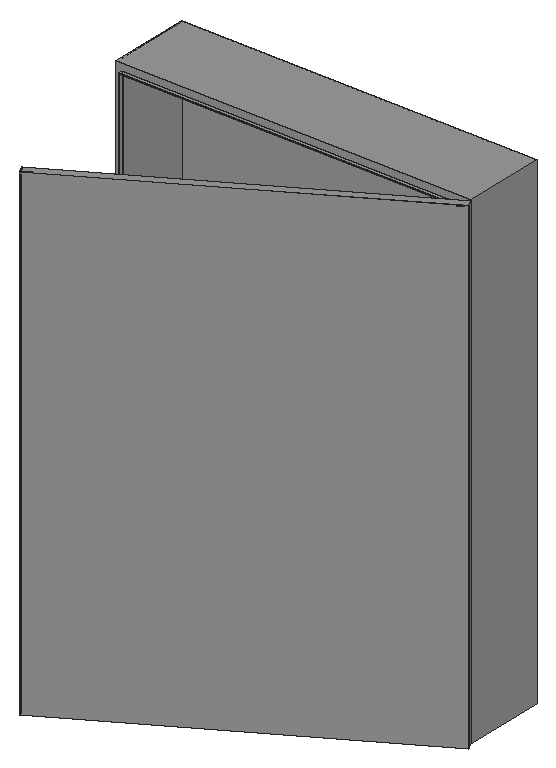
Revit family "Hager-Univers-IP54-D205-H1100-Cl.II-Encl-NoHosted-PL-pl", category Electrical Equipment, Revit 2020
Family settings
  Panel Configuration = Two Columns, Circuits Across
  Round Connector Dimension = Use Diameter
  Part Type = Panelboard
  Work Plane-Based = Yes
  Always vertical = Yes
  Cut with Voids When Loaded = No
  Shared = No
  Room Calculation Point = No
Parameters (values of type "Montaż natynkowy IP54 S800 W1100 G205  - FP73SW2")
  Width Control [instance] = if([EF000008 - Szerokość] > Min Width, [EF000008 - Szerokość], Min Width)  # 800 mm
  Type Comments = [HG000003 - Zakres]  # "Univers"
  Thickness Door [instance] = if([EF009171 - Drzwi/pokrywa z materiału o wysokiej wytrzymałości mechanicznej] > 3 mm, 3 mm, [EF009171 - Drzwi/pokrywa z materiału o wysokiej wytrzymałości mechanicznej])  # 1 mm
  Seal Frame Offset [instance] = 17 mm  # constant formula
  Plinth Visibility [instance] = [HG000027 - Wysokość cokołu] > 0 mm  # no
  Min Width [instance] = 100 mm  # constant formula
  Min Depth [instance] = (2 * [EF009170 - Obudowa z materiału o wysokiej wytrzymałości mechanicznej]) + 1 mm  # 3 mm
  Min Height [instance] = 100 mm  # constant formula
  Internal Frame Depth [instance] = (Door System Depth * 0.5)  # 9 mm
  Panel Name [instance] = ""  # (empty or 0)
  Model = ""
  HG000027 - Wysokość cokołu = 0 mm
  HG000026 - Stojąca = no
  HG000024 - Wysokość części dolnej = 600 mm
  HG000023 - Obudowa dwusekcyjna = no
  HG000016 - Widoczność drzwi w widoku 3D [instance] = yes
  HG000015 - Przestrzeń robocza - otwarcie drzwi [instance] = no
  HG000014 - Drzwi prawe [instance] = yes
  HG000013 - Drzwi lewe [instance] = not([HG000014 - Drzwi prawe])  # no
  HG000012 - Kąt otwarcia drzwi [instance] = 30.00°
  HG000010 - Drzwi asymetryczne = no
  HG000009 - Drzwi dwuskrzydłowe = no
  HG000006 - Montaż podtynkowy = no
  HG000004 - Referencja producenta = "FP73SW2"
  HG000003 - Zakres = "Univers"
  HG000002 - Z drzwiami lub pokrywą = yes
  Frame Offset Bottom [instance] = 10 mm  # constant formula
  Frame Offset [instance] = 15 mm  # constant formula
  EF015940 - Pokrywa z wyzwalaczem nadciśnieniowym = no
  EF011959 - Stopień ochrony (NEMA) = ""
  EF009554 - Liczba otworów pod flansze = 6
  EF009212 - Wykonanie pokrywy = "EV000116 - Zamknięty"
  EF009171 - Drzwi/pokrywa z materiału o wysokiej wytrzymałości mechanicznej = 1 mm
  EF009170 - Obudowa z materiału o wysokiej wytrzymałości mechanicznej = 1 mm
  EF008873 - Prąd znamionowy (In) = 250 A
  EF007800 - Do ochrony odgromowej = no
  EF006306 - Z zamkiem = no
  EF006244 - Transparentna pokrywa/drzwi = no
  EF005474 - Stopień ochrony (IP) = "EV006419 - IP54"
  EF004464 - Rodzaj drzwi = "EV002646 - Pojedynczy"
  EF004427 - Liczba modułów = 252
  EF004293 - Odporność udarowa = "EV006815 - IK09"
  EF003532 - Do zastosowań zewnętrznych = no
  EF002950 - Szerokość wyrażona liczbą modułów = 36
  EF001613 - Podtrzymanie funkcji = "EV000494 - Brak"
  EF001596 - Materiał obudowy = "EV000179 - Stal"
  EF001131 - Głębokość wewnętrzna = 130 mm
  EF001088 - Możliwość rozbudowy = yes
  EF000437 - Liczba wejść kablowych = 6
  EF000339 - Rodzaj pokrywy = "EV004216 - Drzwi"
  EF000266 - Liczba rzędów = 7
  EF000218 - Głębokość wbudowania = 205 mm
  EF000118 - Z płytą montażową = no
  EF000116 - Numer RAL = "9010"
  EF000049 - Głębokość = 205 mm
  EF000040 - Wysokość = 1100 mm
  EF000008 - Szerokość = 800 mm
  EF000007 - Kolor = "EV000202 - Biały"
  EF000003 - Sposób montażu = "EV000384 - Montaż natynkowy"
  Door System Leaf Tolerance [instance] = 1.5 mm  # constant formula
  Door System Depth [instance] = 18 mm  # constant formula
  Door Height [instance] = Height Control - [HG000027 - Wysokość cokołu]  # 1100 mm
  Description = ""
  Default Elevation = 1219.2 mm
  Connector Offset [instance] = Height Control / 2  # 550 mm
  Manufacturer = "Hager"  # constant formula
  Height Control [instance] = if([EF000040 - Wysokość] > Min Height, [EF000040 - Wysokość], Min Height)  # 1100 mm
  Depth Control [instance] = if([EF000049 - Głębokość] > Min Depth, [EF000049 - Głębokość], Min Depth)  # 205 mm
  Bottom Top Plate Trim [instance] = 1.5 mm  # constant formula
  Plinth height Ctrl [instance] = if([HG000027 - Wysokość cokołu] > 0 mm, [HG000027 - Wysokość cokołu], 12 mm)  # 12 mm
Types (5, lengths in mm): name | Width Control | HG000010 - Drzwi asymetryczne | HG000009 - Drzwi dwuskrzydłowe | HG000004 - Referencja producenta | EF009554 - Liczba otworów pod flansze | EF004464 - Rodzaj drzwi | EF004427 - Liczba modułów | EF002950 - Szerokość wyrażona liczbą modułów | EF000437 - Liczba wejść kablowych | EF000008 - Szerokość
  Montaż natynkowy IP54 S1050 W1100 G205  - FP74SW2 | 1050 | no | yes | "FP74SW2" | 8 | "EV003602 - Podwójny" | 336 | 48 | 8 | 1050
  Montaż natynkowy IP54 S1300 W1100 G205  - FP75SW2 | 1300 | yes | yes | "FP75SW2" | 10 | "EV003602 - Podwójny" | 420 | 60 | 10 | 1300
  Montaż natynkowy IP54 S300 W1100 G205  - FP71SW2 | 300 | no | no | "FP71SW2" | 2 | "EV002646 - Pojedynczy" | 84 | 12 | 2 | 300
  Montaż natynkowy IP54 S550 W1100 G205  - FP72SW2 | 550 | no | no | "FP72SW2" | 4 | "EV002646 - Pojedynczy" | 168 | 24 | 4 | 550
  Montaż natynkowy IP54 S800 W1100 G205  - FP73SW2 | 800 | no | no | "FP73SW2" | 6 | "EV002646 - Pojedynczy" | 252 | 36 | 6 | 800
Reference planes
  plane 1 "Center (Front/Back)": y = 0
  plane 2: z = 0
  plane 3 "Center (Left/Right)": x = 0
  plane 4: y = 0
  plane 5: y = 0
  plane 6: z = 0
  plane 7: x = -400
  plane 8: x = 400
  plane 9: x = 399
  plane 10: x = -399
  plane 11: z = 0
  plane 12: z = 1
  plane 13: y = -205
  plane 14: y = -1
  plane 15: x = 0
  plane 16: y = -187
  plane 17: y = -204
  plane 18: y = -186
  plane 19: x = -384
  plane 20: x = 384
  plane 21: z = 11
  plane 22: x = -383
  plane 23: x = 383
  plane 24: z = 0
  plane 25: z = 1100
  plane 26: z = 1100
  plane 27: z = 1084
  plane 28: z = 1099
Forms (mm)
  Extrusion 1, solid, material "Hager_Steel_RAL7035_Light_Grey", detail levels medium+fine
    sketch origin (-208.679, -4572, 0) x (-1, 0, 0) y (0, -1, 0)
      loop
        line (191.321, -4385) -> (-608.679, -4385) -> (-608.679, -4572) -> (191.321, -4572) -> (191.321, -4385)
    from 0 to 1100
  Extrusion 2, void
    sketch origin (-350.771, -205, 1219.2) x (1, 0, 0) y (0, 0, 1)
      loop
        line (-48.229, -120.2) -> (-48.229, -1218.2) -> (749.771, -1218.2) -> (749.771, -120.2) -> (-48.229, -120.2)
    from -19 to -204
  Extrusion 3, void
    sketch origin (-290.084, -187, 1219.2) x (1, 0, 0) y (0, 0, 1)
      loop
        line (-93.916, -1208.2) -> (674.084, -1208.2) -> (674.084, -135.2) -> (-93.916, -135.2) -> (-93.916, -1208.2)
    from 0 to -1
  Extrusion 4, solid, material "Hager_Steel_RAL7035_Light_Grey", visible <- "Plinth Visibility", detail levels medium+fine
    sketch origin (0, 0, 0) x (1, 0, 0) y (0, 1, 0)
      loop
        line (-400, 0) -> (-400, -187) -> (400, -187) -> (400, 0) -> (-400, 0)
    from 0 to 12 <- "Plinth height Ctrl"
  Extrusion 5, solid, material "Hager_Steel_RAL7035_Light_Grey", detail levels coarse
    sketch origin (0, 0, 0) x (1, 0, 0) y (0, 1, 0)
      loop
        line (-400, 0) -> (-400, -205) -> (400, -205) -> (400, 0) -> (-400, 0)
    from 0 to 1100 <- "Height Control"
  Sweep 6, void
    path in 3D
      loop
        line (-400, -187, 12) -> (400, -187, 12) -> (400, 0, 12) -> (-400, 0, 12) -> (-400, -187, 12)
    profile origin (-400, -93.5, 12) x (1, 0, 0) y (0, 0, 1)
      loop
        line (0, 0) -> (0, -1.5) -> (1.5, -1.5)
        arc (1.5, -1.5) -> (1.061, -0.439) -> (0, 0) r 1.5
  Extrusion 7, solid, material "Hager_Steel_RAL7035_Light_Grey", detail levels fine
    sketch origin (-400, -187, 0) x (1, 0, 0) y (0, 0, 1)
      loop
        line (16, 11) -> (784, 11) -> (784, 1084) -> (16, 1084) -> (16, 11)
      loop
        line (15, 10) -> (785, 10) -> (785, 1085) -> (15, 1085) -> (15, 10)
    from 0 to 9 <- "Internal Frame Depth"
Cuts and joins
  Extrusion 2, Extrusion 3 cuts Extrusion 1
  Sweep 6 cuts Extrusion 4
Lines and regions (mm)
  Masking region 1
    outline origin (0, 0, 0) x (1, 0, 0) y (0, 1, 0)
      loop
        line (-400, 0) -> (-400, -205) -> (400, -205) -> (400, 0) -> (-400, 0)
  Masking region 2, detail levels coarse
    outline origin (-290.084, -187, 1219.2) x (-1, 0, 0) y (0, 0, 1)
      loop
        line (-690.084, -1219.2) -> (109.916, -1219.2) -> (109.916, -119.2) -> (-690.084, -119.2) -> (-690.084, -1219.2)
  Masking region 3, detail levels coarse
    outline origin (0, 0, 0) x (0, 1, 0) y (0, 0, 1)
      loop
        line (0, 0) -> (0, 1100) -> (-205, 1100) -> (-205, 0) -> (0, 0)
  Masking region 4, visible <- "Plinth Visibility", detail levels medium+fine
    outline origin (0, 0, 0) x (0, 1, 0) y (0, 0, 1)
      loop
        line (-1.5, 12) -> (-185.5, 12)
        arc (-185.5, 12) -> (-185.939, 10.939) -> (-187, 10.5) r 1.5
        line (-187, 10.5) -> (-187, 0) -> (0, 0) -> (0, 10.5)
        arc (0, 10.5) -> (-1.061, 10.939) -> (-1.5, 12) r 1.5
  Masking region 5, detail levels medium+fine
    outline origin (0, 0, 594.038) x (0, 1, 0) y (0, 0, 1)
      loop
        line (0, -594.038) -> (0, 505.962) -> (-187, 505.962) -> (-187, -594.038) -> (0, -594.038)
  Masking region 6, detail levels medium+fine
    outline origin (-359.7, -187, 1211.883) x (-1, 0, 0) y (0, 0, 1)
      loop
        line (-759.7, -1211.883) -> (40.3, -1211.883) -> (40.3, -111.883) -> (-759.7, -111.883) -> (-759.7, -1211.883)
  Masking region 7, visible <- "Plinth Visibility", detail levels medium+fine
    outline origin (-320.334, -187, 1041.368) x (-1, 0, 0) y (0, 0, 1)
      loop
        line (-720.334, -1041.368) -> (79.666, -1041.368) -> (79.666, -1030.868)
        arc (79.666, -1030.868) -> (78.606, -1030.429) -> (78.166, -1029.368) r 1.5
        line (78.166, -1029.368) -> (-718.834, -1029.368)
        arc (-718.834, -1029.368) -> (-719.273, -1030.429) -> (-720.334, -1030.868) r 1.5
        line (-720.334, -1030.868) -> (-720.334, -1041.368)
  sketch lines
    curve 1: line (-400, 0, 12) -> (-400, -187, 12)
    curve 2: line (-400, -187, 12) -> (400, -187, 12)
    curve 3: line (400, 0, 12) -> (-400, 0, 12)
    curve 4: line (400, -187, 12) -> (400, 0, 12)
Dimensions and locks
  locked: plane 1 "Center (Front/Back)" to plane 5
  "EF009170 - Obudowa z materiału o wysokiej wytrzymałości mechanicznej": plane 7 to plane 10
  "EF009170 - Obudowa z materiału o wysokiej wytrzymałości mechanicznej": plane 8 to plane 9
  equal spacing: plane 7, plane 3 "Center (Left/Right)", plane 8
  "Width Control": plane 7 to plane 8
  "Depth Control": plane 4 to plane 13
  "EF009170 - Obudowa z materiału o wysokiej wytrzymałości mechanicznej": plane 4 to plane 14
  "Height Control": plane 25 to level
  "HG000027 - Wysokość cokołu": plane 11 to level
  "EF009170 - Obudowa z materiału o wysokiej wytrzymałości mechanicznej": plane 12 to plane 11
  "EF009170 - Obudowa z materiału o wysokiej wytrzymałości mechanicznej": plane 17 to plane 13
  "EF009170 - Obudowa z materiału o wysokiej wytrzymałości mechanicznej": plane 18 to plane 16
  "Frame Offset Bottom": plane 21 to plane 12
  "Frame Offset": plane 10 to plane 19
  "Frame Offset": plane 9 to plane 20
  "Door System Depth": plane 16 to plane 13
  "Seal Frame Offset": plane 7 to plane 22
  "Seal Frame Offset": plane 8 to plane 23
  "EF009170 - Obudowa z materiału o wysokiej wytrzymałości mechanicznej": plane 26 to plane 28
  "Frame Offset": plane 28 to plane 27
  "Connector Offset": plane 2 to connector elem
  "Bottom Top Plate Trim": profile plane to Sweep 6 sketch curve
  "Bottom Top Plate Trim": Sweep 6 sketch curve to Sweep 6 sketch curve
  "Plinth height Ctrl": Masking region 4 sketch curve to level
  "Plinth height Ctrl": Masking region 7 sketch curve to level
  "Thickness Door": Extrusion 7 sketch curve to Extrusion 7 sketch curve  (x4)
  "Bottom Top Plate Trim": radius of Sweep 6 sketch curve
  "Bottom Top Plate Trim": radius of Masking region 4 sketch curve  (x2)
  "Bottom Top Plate Trim": radius of Masking region 7 sketch curve  (x2)
  aligned and locked: Extrusion 2 sketch curve to plane 12
  aligned and locked: Extrusion 2 sketch curve to plane 9
  aligned and locked: Extrusion 2 sketch curve to plane 10
  aligned and locked: Extrusion 2 to plane 14
  aligned and locked: Extrusion 1 sketch curve to plane 4
  aligned and locked: plane 8 to Extrusion 1 sketch curve
  aligned and locked: plane 7 to Extrusion 1 sketch curve
  aligned and locked: Extrusion 2 to plane 18
  aligned and locked: Extrusion 3 sketch curve to plane 19
  aligned and locked: plane 20 to Extrusion 3 sketch curve
  aligned and locked: Extrusion 3 to Extrusion 2
  aligned and locked: Extrusion 3 sketch curve to plane 21
  aligned and locked: plane 3 "Center (Left/Right)" to nested 1
  aligned and locked: Extrusion 1 sketch curve to plane 16
  aligned and locked: Extrusion 4 sketch curve to cut or joined group of Extrusion 1, Extrusion 2, Extrusion 3
  aligned and locked: Masking region 1 sketch curve to plane 7
  aligned and locked: Masking region 1 sketch curve to plane 5
  aligned and locked: Masking region 1 sketch curve to plane 8
  aligned and locked: Masking region 2 sketch curve to level
  aligned and locked: level to Masking region 3 sketch curve
  aligned and locked: plane 1 "Center (Front/Back)" to Masking region 3 sketch curve
  aligned and locked: plane 13 to Masking region 3 sketch curve
  aligned and locked: plane 5 to Masking region 4 sketch curve
  aligned and locked: Masking region 2 sketch curve to plane 8
  aligned and locked: Masking region 2 sketch curve to plane 7
  aligned and locked: plane 7 to nested 2
  aligned and locked: nested 2 to plane 5
  aligned and locked: plane 5 to Masking region 5 sketch curve
  aligned and locked: plane 26 to Masking region 5 sketch curve
  aligned and locked: Extrusion 5 sketch curve to plane 8
  aligned and locked: Extrusion 5 sketch curve to plane 7
  aligned and locked: Extrusion 5 sketch curve to plane 5
  aligned and locked: Extrusion 3 sketch curve to plane 27
  aligned and locked: Extrusion 2 sketch curve to plane 28
  aligned and locked: Masking region 2 to plane 25
  aligned and locked: Extrusion 4 to plane 16
  aligned and locked: profile plane to Sweep 6 sketch curve
  aligned and locked: Masking region 5 sketch curve to plane 24
  aligned and locked: level to Masking region 4 sketch curve
  aligned and locked: Masking region 1 to plane 13
  aligned and locked: nested 1 to plane 16
  aligned and locked: Masking region 3 to plane 25
  aligned and locked: plane 16 to Masking region 4 sketch curve
  aligned and locked: Masking region 5 sketch curve to plane 16
  aligned and locked: plane 24 to plane 11
  aligned and locked: plane 26 to plane 25
  aligned and locked: plane 26 to cut or joined group of Extrusion 1, Extrusion 2, Extrusion 3
  aligned and locked: nested 1 to plane 24
  aligned and locked: Extrusion 1 to Extrusion 3
  aligned and locked: Masking region 6 sketch curve to plane 8
  aligned and locked: Masking region 6 sketch curve to plane 24
  aligned and locked: Masking region 6 sketch curve to plane 7
  aligned and locked: Masking region 6 sketch curve to plane 26
  aligned and locked: Masking region 7 sketch curve to plane 7
  aligned and locked: level to Masking region 7 sketch curve
  aligned and locked: Masking region 7 sketch curve to plane 8
  aligned and locked: Extrusion 7 sketch curve to cut or joined group of Extrusion 1, Extrusion 2, Extrusion 3  (x4)
Automatic sketch dimensions
  plane 19 to Extrusion 3 sketch curve = 0 mm
  Extrusion 3 sketch curve to plane 20 = 0 mm
  Extrusion 3 sketch curve to plane 21 = 0 mm
  Extrusion 4 sketch curve to plane 7 = 0 mm
  Extrusion 4 sketch curve to plane 8 = 0 mm
  Extrusion 4 sketch curve to plane 16 = 0 mm
  Masking region 1 sketch curve to plane 13 = 0 mm
  Masking region 2 sketch curve to plane 25 = 0 mm
  Masking region 3 sketch curve to plane 25 = 0 mm
  Extrusion 5 sketch curve to plane 13 = 0 mm
  profile plane to Sweep 6 sketch curve = 0 mm
Nested families
  nested 1: "EC000058_Univers_Door" at (0, -187, 0), Double <- "HG000009 - Drzwi dwuskrzydłowe", Transparent <- "EF006244 - Transparentna pokrywa/drzwi", Angle <- "HG000012 - Kąt otwarcia drzwi", Door_Right <- "HG000014 - Drzwi prawe", Assymetrical <- "HG000010 - Drzwi asymetryczne", Door <- "HG000002 - Z drzwiami lub pokrywą", Width_Ctrl <- "Width Control", 3d_Door <- "HG000016 - Widoczność drzwi w widoku 3D", Clearance <- "HG000015 - Przestrzeń robocza - otwarcie drzwi", Door_Left <- "HG000013 - Drzwi lewe", Width <- "Width Control", Door_Depth <- "Door System Depth", Leaf_Tolerance <- "Door System Leaf Tolerance", Height <- "Door Height", Lock_Visibility <- "EF006306 - Z zamkiem", Thickness <- "Thickness Door", type "EC000058_Univers_Door", detail levels medium+fine
    with min_wh 3 mm, Width_Ctrl 800 mm, Width 800 mm, Transparent no, Thickness 1 mm, Seal_Material Hager_Rubber, Lock_Visibility no, Lock_Material Hager_Plastic_RAL9005_Jet_Black, Leaf_Width 800 mm, Leaf_Tolerance_External_Sides 0 mm, Leaf_Tolerance 1.5 mm, Leaf_Offset 0 mm, Leaf_Height 1097 mm, Leaf_2_Width 800 mm, Leaf_2_Offset 400 mm, Leaf_1_Width 800 mm, Leaf_1_Offset 400 mm, Height_Ctrl 1100 mm, Height 1100 mm, Glass_Material Hager_Glass, Double_Clearance_Ctrl no, Double no, Door_Right_Ctrl yes, Door_Right yes, Door_Material Hager_Steel_RAL7035_Light_Grey, Door_Left_Ctrl no, Door_Left no, Door_Depth 18 mm, Door yes, Clearance_Material Hager_Clearance, Clearance_Depth 800 mm, Clearance_Ctrl no, Clearance no, Assymetrical no, Angle 30.00°, 3d_Door yes
  nested 2: "Hager_Enclosure_Symbol" at (-400, 0, 0), Height <- "Depth Control", Width <- "Width Control", type "Hager_Enclosure_Symbol"
    with Width_Ctrl 800 mm, Width 800 mm, Height_Ctrl 205 mm, Height 205 mm, A_Width_Int 13.453 mm, A_Width 161.438 mm, A_Height_Ctrl 179.375 mm, A_Height 179.375 mm
Connectors
  electrical at (0, 0, 550)
    settings: on plane 1 "Center (Front/Back)", index 1, voltage 0 V, apparent load 0 VA, apparent load phase1 0 VA, apparent load phase2 0 VA, apparent load phase3 0 VA, power factor 1, load classification "Other", number of poles 1, system type 30, power factor state 1, is connector primary yes, connector utility no, sub classification motor no, connector description ""
Definition of nested family "EC000058_Univers_Door"
  Parameters (values of type "EC000058_Univers_Door")
    min_wh [instance] = (2 * Thickness) + 1 mm  # 11 mm
    Width_Ctrl [instance] = 400 mm
    Width [instance] = 500 mm
    Transparent [instance] = yes
    Thickness [instance] = 5 mm
    Seal_Material [instance] = none
    Lock_Visibility [instance] = yes
    Lock_Material [instance] = none
    Leaf_Width [instance] = if((Width_Ctrl - 2 * Leaf_Tolerance_External_Sides) > 0 mm, (Width_Ctrl - 2 * Leaf_Tolerance_External_Sides), min_wh)  # 400 mm
    Leaf_Tolerance_External_Sides [instance] = 0 mm  # constant formula
    Leaf_Tolerance [instance] = 1.5 mm
    Leaf_Offset [instance] = 0 mm  # constant formula
    Leaf_Height [instance] = if((Height_Ctrl - 2 * Leaf_Tolerance) > 0 mm, (Height_Ctrl - 2 * Leaf_Tolerance), min_wh)  # 497 mm
    Leaf_2_Width [instance] = if(and(and(Double, Assymetrical), Door_Left), (Leaf_Width / 3) - (Leaf_Tolerance / 2), if(and(and(Double, Assymetrical), Door_Right), (Leaf_Width / 3) * 2 - (Leaf_Tolerance / 2), if(and(Double, not(Assymetrical)), (Leaf_Width / 2) - Leaf_Tolerance, Leaf_Width)))  # 400 mm
    Leaf_2_Offset [instance] = if(and(Double, Assymetrical), Leaf_2_Width / 2, if(and(Double, not(Assymetrical)), Leaf_Width / 4, Leaf_Width / 2))  # 200 mm
    Leaf_1_Width [instance] = if(and(and(Double, Assymetrical), Door_Right), (Leaf_Width / 3) - (Leaf_Tolerance / 2), if(and(and(Double, Assymetrical), Door_Left), (Width / 3) * 2 - (Leaf_Tolerance / 2), if(and(Double, not(Assymetrical)), (Leaf_Width / 2) - Leaf_Tolerance, Leaf_Width)))  # 400 mm
    Leaf_1_Offset [instance] = if(and(Double, Assymetrical), Leaf_1_Width / 2, if(and(Double, not(Assymetrical)), Leaf_Width / 4, Leaf_Width / 2))  # 200 mm
    Height_Ctrl [instance] = if(Height > min_wh, Height, min_wh)  # 500 mm
    Height [instance] = 500 mm
    Glass_Material [instance] = none
    Double_Clearance_Ctrl [instance] = and(Double, Clearance)  # no
    Double [instance] = no
    Door_Right_Ctrl [instance] = and(or(Door_Right, Double), Door)  # yes
    Door_Right [instance] = yes
    Door_Material [instance] = none
    Door_Left_Ctrl [instance] = and(or(Door_Left, Double), Door)  # no
    Door_Left [instance] = no
    Door_Depth [instance] = 30 mm
    Door [instance] = yes
    Default Elevation = 1219.2 mm
    Clearance_Material [instance] = none
    Clearance_Depth [instance] = if(Leaf_1_Width > Leaf_2_Width, Leaf_1_Width, Leaf_2_Width)  # 400 mm
    Clearance_Ctrl [instance] = and(not(Double), Clearance)  # yes
    Clearance [instance] = yes
    Assymetrical [instance] = yes
    Angle [instance] = 30.00°
    3d_Door [instance] = yes
  Reference planes
    plane 1 "Center (Front/Back)": y = 0
    plane 2 "Bottom": z = 0
    plane 3 "Center (Left/Right)": x = 0
    plane 4: z = 500
    plane 5: x = -200
    plane 6: x = 200
    plane 7: z = 500
    plane 8: x = -200
    plane 9: z = 0
    plane 10: x = 200
    plane 11: y = 0
    plane 12: z = 1.5
    plane 13: x = -600
    plane 14: y = -400
    plane 15: x = 600
    plane 16: x = 0
    plane 17: x = 0
    plane 18: x = -200
    plane 19: x = 200
    plane 20: z = 498.5
  Forms (mm)
    Extrusion 1, solid, material <- "Clearance_Material", visible <- "Double_Clearance_Ctrl"
      sketch origin (1200, 0, 0) x (1, 0, 0) y (0, 0, -1)
        loop
          line (-1800, -498.5) -> (-600, -498.5) -> (-600, 0) -> (-1800, 0) -> (-1800, -498.5)
      from 0 to -400
  Dimensions and locks
    equal spacing: plane 5, plane 3 "Center (Left/Right)", plane 6
    "Width_Ctrl": plane 5 to plane 6
    "Leaf_Offset": plane 5 to plane 8
    "Leaf_Offset": plane 6 to plane 10
    "Leaf_Offset": plane 9 to level
    "Leaf_Offset": plane 4 to plane 7
    "Height_Ctrl": plane 4 to level
    "Leaf_Tolerance": plane 12 to plane 9
    locked: plane 11 to plane 1 "Center (Front/Back)"
    "Leaf_1_Offset": plane 18 to plane 16
    "Leaf_2_Offset": plane 17 to plane 19
    "Leaf_1_Width": plane 13 to plane 8
    "Leaf_2_Width": plane 10 to plane 15
    "Clearance_Depth": plane 14 to plane 1 "Center (Front/Back)"
    "Leaf_Tolerance_External_Sides": plane 8 to plane 18
    "Leaf_Tolerance_External_Sides": plane 19 to plane 10
    "Leaf_Tolerance": plane 7 to plane 20
    aligned and locked: level to plane 2 "Bottom"
    aligned and locked: nested 1 to plane 16
    aligned and locked: nested 2 to plane 17
    aligned and locked: Extrusion 1 to plane 13
    aligned and locked: plane 15 to Extrusion 1
    aligned and locked: Extrusion 1 to plane 14
    aligned and locked: plane 12 to nested 1
    aligned and locked: nested 2 to plane 12
    aligned and locked: Extrusion 1 to plane 11
    aligned and locked: plane 20 to Extrusion 1
    aligned and locked: nested 2 to plane 11
    aligned and locked: nested 1 to plane 11
  Automatic sketch dimensions
    Extrusion 1 sketch curve to level = 0 mm
    plane 5 to Extrusion 1 sketch curve = 400 mm
    plane 6 to Extrusion 1 sketch curve = 400 mm
    Extrusion 1 sketch curve to plane 4 = 1.5 mm
  Nested families
    nested 1: "EC000058_Univers_Door_Leaf" at (0, 0, 1.5), Width <- "Leaf_1_Width", visible <- "Door_Left_Ctrl", Leaf_Height <- "Leaf_Height", Angle <- "Angle", 3d_Door <- "3d_Door", Transparent <- "Transparent", Clearance Material <- "Clearance_Material", Clearance <- "Clearance_Ctrl", Door_Material <- "Door_Material", Glass_Material <- "Glass_Material", Door_Depth <- "Door_Depth", Lock_Material <- "Lock_Material", Seal_Material <- "Seal_Material", Lock_Visibility <- "Lock_Visibility", Thickness <- "Thickness", type "EC000058_Univers_Door_Leaf"
      with Width 400 mm, Transparent_Glass_Offset 30 mm, Transparent_Ctrl yes, Transparent yes, Thickness 5 mm, Standard no, Seal_Material none, Seal_D2 8 mm, Seal_D1 1 mm, Offset_Internal_Frame 10 mm, Lock_Width 20 mm, Lock_Visibility_3d yes, Lock_Visibility yes, Lock_Thickness_3 3 mm, Lock_Thickness_2 1 mm, Lock_Thickness_1 3 mm, Lock_Radius_Offset_2 16 mm, Lock_Radius_Offset_1 15 mm, Lock_Radius_2 5 mm, Lock_Radius 6 mm, Lock_Offset 5 mm, Lock_Material none, Lock_Height 80 mm, Lock_Cover_Top_Offset_2d 17 mm, Lock_Cover_Height -65 mm, Leaf_Height 497 mm, Internal_Seal_Thickness 8 mm, Internal_Seal_Depth_2 4.5 mm, Internal_Frame_Depth 25 mm, Glass_Thickness -1 mm, Glass_Offset -2 mm, Glass_Material none, Door_Material none, Door_Depth 30 mm, Clearance Material none, Clearance yes, Angle_Ctrl 30.00°, Angle 30.00°, 3d_Door yes
    nested 2: "EC000058_Univers_Door_Leaf" at (0, 0, 1.5) x (-1, 0, 0) z (0, 0, 1), Width <- "Leaf_2_Width", visible <- "Door_Right_Ctrl", Leaf_Height <- "Leaf_Height", Angle <- "Angle", 3d_Door <- "3d_Door", Transparent <- "Transparent", Clearance Material <- "Clearance_Material", Clearance <- "Clearance_Ctrl", Door_Material <- "Door_Material", Glass_Material <- "Glass_Material", Door_Depth <- "Door_Depth", Lock_Material <- "Lock_Material", Seal_Material <- "Seal_Material", Lock_Visibility <- "Lock_Visibility", Thickness <- "Thickness", type "EC000058_Univers_Door_Leaf"
      with Width 400 mm, Transparent_Glass_Offset 30 mm, Transparent_Ctrl yes, Transparent yes, Thickness 5 mm, Standard no, Seal_Material none, Seal_D2 8 mm, Seal_D1 1 mm, Offset_Internal_Frame 10 mm, Lock_Width 20 mm, Lock_Visibility_3d yes, Lock_Visibility yes, Lock_Thickness_3 3 mm, Lock_Thickness_2 1 mm, Lock_Thickness_1 3 mm, Lock_Radius_Offset_2 16 mm, Lock_Radius_Offset_1 15 mm, Lock_Radius_2 5 mm, Lock_Radius 6 mm, Lock_Offset 5 mm, Lock_Material none, Lock_Height 80 mm, Lock_Cover_Top_Offset_2d 17 mm, Lock_Cover_Height -65 mm, Leaf_Height 497 mm, Internal_Seal_Thickness 8 mm, Internal_Seal_Depth_2 4.5 mm, Internal_Frame_Depth 25 mm, Glass_Thickness -1 mm, Glass_Offset -2 mm, Glass_Material none, Door_Material none, Door_Depth 30 mm, Clearance Material none, Clearance yes, Angle_Ctrl 30.00°, Angle 30.00°, 3d_Door yes
  Definition of nested family "EC000058_Univers_Door_Leaf"
    Parameters (values of type "EC000058_Univers_Door_Leaf")
      Width [instance] = 2000 mm
      Transparent_Glass_Offset [instance] = 30 mm
      Transparent_Ctrl [instance] = and(Transparent, [3d_Door])  # yes
      Transparent [instance] = yes
      Thickness [instance] = 5 mm
      Standard [instance] = and(not(Transparent), [3d_Door])  # no
      Seal_Material [instance] = none
      Seal_D2 [instance] = 8 mm  # constant formula
      Seal_D1 [instance] = 1 mm  # constant formula
      Offset_Internal_Frame [instance] = 10 mm  # constant formula
      Lock_Width [instance] = 20 mm  # constant formula
      Lock_Visibility_3d [instance] = and(Lock_Visibility, [3d_Door])  # yes
      Lock_Visibility [instance] = yes
      Lock_Thickness_3 [instance] = 3 mm  # constant formula
      Lock_Thickness_2 [instance] = 1 mm  # constant formula
      Lock_Thickness_1 [instance] = 3 mm  # constant formula
      Lock_Radius_Offset_2 [instance] = Lock_Radius_Offset_1 + 1 mm  # 16 mm
      Lock_Radius_Offset_1 [instance] = 15 mm  # constant formula
      Lock_Radius_2 [instance] = Lock_Radius - 1 mm  # 5 mm
      Lock_Radius [instance] = 6 mm  # constant formula
      Lock_Offset [instance] = 5 mm  # constant formula
      Lock_Material [instance] = none
      Lock_Height [instance] = 80 mm  # constant formula
      Lock_Cover_Top_Offset_2d [instance] = Lock_Radius_Offset_2 + 1 mm  # 17 mm
      Lock_Cover_Height [instance] = -(Lock_Height - Lock_Radius_Offset_1)  # -65 mm
      Leaf_Height [instance] = 2720.336 mm
      Internal_Seal_Thickness [instance] = 8 mm  # constant formula
      Internal_Seal_Depth_2 [instance] = 4.5 mm  # constant formula
      Internal_Frame_Depth [instance] = if(Door_Depth - Thickness > 5 mm, Door_Depth - Thickness, 5 mm)  # 25 mm
      Glass_Thickness [instance] = if(Thickness > 15 mm, Glass_Offset + 10 mm, -1 mm)  # -1 mm
      Glass_Offset [instance] = if(Thickness > 15 mm, -(Thickness + 10 mm) / 2, -2 mm)  # -2 mm
      Glass_Material [instance] = none
      Door_Material [instance] = none
      Door_Depth [instance] = 30 mm
      Default Elevation = 0 mm
      Clearance Material [instance] = none
      Clearance [instance] = yes
      Angle_Ctrl [instance] = if(Angle > 180.00°, 180.00°, Angle)  # 90.00°
      Angle [instance] = 90.00°
      3d_Door [instance] = yes
    Reference planes
      plane 1 "Center (Front/Back)": y = 0
      plane 2: z = 0
      plane 3 "Center (Left/Right)": x = 0
      plane 4: y = 2000
      plane 5: x = -1000
      plane 6: x = 1000
      plane 7: x = -3000
      plane 8: z = 2720.336
      plane 9: z = 30
      plane 10: z = 2690.336
      plane 11: x = 970
      plane 12: x = -970
      plane 13: y = -3
      plane 14: z = 107.833
      plane 15: y = -5
      plane 16: y = -223.314
      plane 17: x = -1000
      plane 18: z = 1360.168
      plane 19: y = 30
    Forms (mm)
      Extrusion 1, solid, material <- "Clearance Material", visible <- "Clearance"
        sketch origin (0, 0, 0) x (1, 0, 0) y (0, 0, 1)
          loop
            line (-3000, 2720.336) -> (-3000, 0) -> (1000, 0) -> (1000, 2720.336) -> (-3000, 2720.336)
        from 0 to -2000
      Extrusion 2, solid, material <- "Door_Material", visible <- "Standard", detail levels medium+fine
        sketch origin (-1000, 0, 0) x (0, 1, 0) y (-1, 0, 0)
          loop
            line (0, 30) -> (0, 25) -> (2000, 25) -> (2000, 30) -> (0, 30)
        from 0 to 2720.336 <- "Leaf_Height"
      Extrusion 3, solid, material <- "Door_Material", visible <- "Transparent_Ctrl", detail levels medium+fine
        sketch origin (-1000, 0, 0) x (0, 1, 0) y (-1, 0, 0)
          loop
            line (0, 25) -> (2000, 25) -> (2000, 30) -> (0, 30) -> (0, 25)
        from 0 to 2720.336 <- "Leaf_Height"
      Extrusion 4, void
        sketch origin (-1025, 2000, 0) x (0, 1, 0) y (0, 0, -1)
          loop
            line (-30, -2690.336) -> (-30, -30) -> (-1970, -30) -> (-1970, -2690.336) -> (-30, -2690.336)
        from 0 to 5 <- "Thickness"
      Sweep 5, solid, material <- "Seal_Material", visible <- "Transparent_Ctrl", detail levels fine
        path in 3D
          loop
            line (-1025, 30, 30) -> (-1025, 30, 2690.336) -> (-1025, 1970, 2690.336) -> (-1025, 1970, 30) -> (-1025, 30, 30)
        profile origin (-1025, 1000, 30) x (1, 0, 0) y (0, 0, 1)
          loop
            line (0, 0) -> (0, -8) -> (1, -8) -> (1, 0) -> (0, 0)
      Extrusion 6, solid, material <- "Glass_Material", visible <- "Transparent_Ctrl", detail levels medium+fine
        sketch origin (-1030, 0, 0) x (0, 1, 0) y (0, 0, -1)
          loop
            line (1970, -2690.336) -> (1970, -30) -> (30, -30) -> (30, -2690.336) -> (1970, -2690.336)
        from -2 <- "Glass_Offset" to -1 <- "Glass_Thickness"
      Extrusion 7, solid, material <- "Door_Material", visible <- "3d_Door", detail levels medium+fine
        sketch origin (-1025, 2000, 0) x (0, -1, 0) y (0, 0, -1)
          loop
            line (0, -2720.336) -> (2000, -2720.336) -> (2000, 0) -> (0, 0) -> (0, -2720.336)
          loop
            line (1995, -5) -> (5, -5) -> (5, -2715.336) -> (1995, -2715.336) -> (1995, -5)
        from 0 to 25 <- "Internal_Frame_Depth"
      Sweep 8, solid, material <- "Seal_Material", visible <- "Transparent_Ctrl", detail levels fine
        path in 3D
          loop
            line (-1025, 0, 0) -> (-1025, 2000, 0) -> (-1025, 2000, 2720.336) -> (-1025, 0, 2720.336) -> (-1025, 0, 0)
        profile origin (-1025, 0, 1360.168) x (1, 0, 0) y (0, 1, 0)
          loop
            line (0, 10) -> (2.975, 10)
            arc (2.975, 10) -> (4.053, 10.447) -> (4.5, 11.525) r 1.525
            line (4.5, 11.525) -> (4.5, 16.527)
            arc (4.5, 16.527) -> (4.069, 17.569) -> (3.027, 18) r 1.473
            line (3.027, 18) -> (0, 18) -> (0, 10)
      Extrusion 9, solid, material <- "Lock_Material", visible <- "Lock_Visibility_3d", detail levels fine
        sketch origin (-1030, 0, 0) x (0, 1, 0) y (0, 0, -1)
          loop
            arc (1993.5, -1400.168) -> (1994.561, -1399.729) -> (1995, -1398.668) r 1.5
            line (1995, -1398.668) -> (1995, -1320.168) -> (1975, -1320.168) -> (1975, -1398.668)
            arc (1975, -1398.668) -> (1975.439, -1399.729) -> (1976.5, -1400.168) r 1.5
            line (1976.5, -1400.168) -> (1993.5, -1400.168)
        from 3 <- "Lock_Thickness_1" to 0
      Blend 10, solid, material <- "Lock_Material", visible <- "Lock_Visibility_3d", detail levels fine
        base sketch origin (-1033, 0, 0) x (0, 1, 0) y (0, 0, -1)
          loop
            line (1975, -1320.168) -> (1975, -1398.668)
            arc (1975, -1398.668) -> (1975.439, -1399.729) -> (1976.5, -1400.168) r 1.5
            line (1976.5, -1400.168) -> (1993.5, -1400.168)
            arc (1993.5, -1400.168) -> (1994.561, -1399.729) -> (1995, -1398.668) r 1.5
            line (1995, -1398.668) -> (1995, -1320.168) -> (1975, -1320.168)
        top sketch origin (-1033, 0, 0) x (0, 1, 0) y (0, 0, -1)
          loop
            line (1976, -1320.168) -> (1976, -1398.668)
            arc (1976, -1398.668) -> (1976.146, -1399.022) -> (1976.5, -1399.168) r 0.5
            line (1976.5, -1399.168) -> (1993.5, -1399.168)
            arc (1993.5, -1399.168) -> (1993.854, -1399.022) -> (1994, -1398.668) r 0.5
            line (1994, -1398.668) -> (1994, -1320.168) -> (1976, -1320.168)
        from 0 to 1 <- "Lock_Thickness_2"
      Blend 11, solid, material <- "Lock_Material", visible <- "Lock_Visibility_3d", detail levels fine
        base sketch origin (-1034, 0, 0) x (0, 1, 0) y (0, 0, -1)
          loop
            line (1978, -1320.168) -> (1978, -1384.168)
            arc (1978, -1384.168) -> (1985, -1391.168) -> (1992, -1384.168) r 7
            line (1992, -1384.168) -> (1992, -1320.168) -> (1978, -1320.168)
        top sketch origin (-1034, 0, 0) x (0, 1, 0) y (0, 0, -1)
          loop
            line (1991, -1320.168) -> (1979, -1320.168) -> (1979, -1383.168)
            arc (1979, -1383.168) -> (1985, -1389.168) -> (1991, -1383.168) r 6
            line (1991, -1383.168) -> (1991, -1320.168)
        from 0 to 3 <- "Lock_Thickness_3"
      Extrusion 12, solid, material <- "Lock_Material", visible <- "Lock_Visibility_3d", detail levels fine
        sketch origin (-1030, 1975, 1320.168) x (1, 0, 0) y (0, -1, 0)
          loop
            line (-7, -19) -> (-7, -1) -> (0, -1) -> (0, 0) -> (-8, 0) -> (-8, -20) -> (0, -20) -> (0, -19) -> (-7, -19)
        from 0 to -65 <- "Lock_Cover_Height"
      Extrusion 13, void
        sketch origin (-1038, 1995, 1320.168) x (-1, 0, 0) y (0, 0, -1)
          loop
            line (-5, -65) -> (0, -65) -> (-5, -60) -> (-5, -65)
        from 0 to 20 <- "Lock_Width"
      Extrusion 14, void
        sketch origin (-1038, 1975, 1320.168) x (0, -1, 0) y (0, 0, -1)
          loop
            circle (-10, -15.995) r 6
          loop
            circle (-10, -15.995) r 5
        from 0 to 2
      Extrusion 15, solid, material <- "Lock_Material", visible <- "Lock_Visibility_3d", detail levels medium
        sketch origin (-1030, 0, 0) x (0, 1, 0) y (0, 0, -1)
          loop
            arc (1993.5, -1400.168) -> (1994.561, -1399.729) -> (1995, -1398.668) r 1.5
            line (1995, -1398.668) -> (1995, -1320.168) -> (1975, -1320.168) -> (1975, -1398.668)
            arc (1975, -1398.668) -> (1975.439, -1399.729) -> (1976.5, -1400.168) r 1.5
            line (1976.5, -1400.168) -> (1993.5, -1400.168)
        from 8 to 0
    Cuts and joins
      Extrusion 4 cuts Extrusion 3
      Extrusion 13, Extrusion 14 cuts Extrusion 9
      Extrusion 14 cuts Blend 11
      Extrusion 13, Extrusion 14 cuts Extrusion 12
      joined: Extrusion 9, Blend 10, Blend 11, Extrusion 12
      Extrusion 14 cuts Extrusion 15
    Lines and regions (mm)
      Masking region 1, visible <- "Lock_Visibility", detail levels fine
        outline origin (0, 0, 0) x (0, 1, 0) y (0, 0, 1)
          loop
            line (30, 1320.168) -> (33, 1320.168) -> (33, 1400.168) -> (30, 1400.168) -> (30, 1320.168)
      Masking region 2, visible <- "Lock_Visibility", detail levels fine
        outline origin (0, 3.143, 0) x (0, 1, 0) y (0, 0, 1)
          loop
            line (29.857, 1354.168) -> (30.857, 1354.168) -> (30.857, 1366.168) -> (29.857, 1366.168) -> (29.857, 1354.168)
      Masking region 3, detail levels medium+fine
        outline origin (0, 0, 0) x (0, 1, 0) y (0, 0, 1)
          loop
            line (0, 0) -> (30, 0) -> (30, 2720.336) -> (0, 2720.336) -> (0, 0)
      Masking region 4, detail levels medium+fine
        outline origin (0, 0, 0) x (1, 0, 0) y (0, 0, 1)
          loop
            line (-1000, 2720.336) -> (-1000, 0) -> (1000, 0) -> (1000, 2720.336) -> (-1000, 2720.336)
      Masking region 5, visible <- "Lock_Visibility", detail levels fine
        outline origin (-47.116, 0, 0) x (1, 0, 0) y (0, 0, 1)
          loop
            arc (1024.616, 1399.168) -> (1023.556, 1398.729) -> (1023.116, 1397.668) r 1.5
            line (1023.116, 1397.668) -> (1023.116, 1320.168) -> (1041.116, 1320.168) -> (1041.116, 1397.668)
            arc (1041.116, 1397.668) -> (1040.677, 1398.729) -> (1039.616, 1399.168) r 1.5
            line (1039.616, 1399.168) -> (1024.616, 1399.168)
      Masking region 6, visible <- "Lock_Visibility", detail levels medium+fine
        outline origin (-25, 0, 0) x (1, 0, 0) y (0, 0, 1)
          loop
            arc (1001.5, 1400.168) -> (1000.439, 1399.729) -> (1000, 1398.668) r 1.5
            line (1000, 1398.668) -> (1000, 1320.168) -> (1020, 1320.168) -> (1020, 1398.668)
            arc (1020, 1398.668) -> (1019.561, 1399.729) -> (1018.5, 1400.168) r 1.5
            line (1018.5, 1400.168) -> (1001.5, 1400.168)
      Masking region 7, visible <- "Lock_Visibility", detail levels fine
        outline origin (-73.735, 0, 0) x (1, 0, 0) y (0, 0, 1)
          loop
            line (1051.735, 1382.168) -> (1065.735, 1382.168) -> (1065.735, 1384.168)
            arc (1065.735, 1384.168) -> (1058.735, 1391.168) -> (1051.735, 1384.168) r 7
            line (1051.735, 1384.168) -> (1051.735, 1382.168)
      Masking region 8, visible <- "Lock_Visibility", detail levels fine
        outline origin (-73.735, 0, 0) x (1, 0, 0) y (0, 0, 1)
          loop
            line (1052.735, 1382.168) -> (1064.735, 1382.168) -> (1064.735, 1383.168)
            arc (1064.735, 1383.168) -> (1058.735, 1389.168) -> (1052.735, 1383.168) r 6
            line (1052.735, 1383.168) -> (1052.735, 1382.168)
      Masking region 9, visible <- "Lock_Visibility", detail levels fine
        outline origin (-25, 0, 0) x (1, 0, 0) y (0, 0, 1)
          loop
            line (1020, 1320.168) -> (1020, 1382.168) -> (1000, 1382.168) -> (1000, 1320.168) -> (1020, 1320.168)
      Masking region 10, detail levels medium+fine
        outline origin (0, 0, 0) x (1, 0, 0) y (0, 0, 1)
          loop
            circle (985, 1335.144) r 6
      Masking region 11, detail levels fine
        outline origin (0, 0, 0) x (1, 0, 0) y (0, 0, 1)
          loop
            circle (985, 1335.144) r 5
      Masking region 12, visible <- "Lock_Visibility", detail levels fine
        outline origin (0, 12.767, 0) x (0, 1, 0) y (0, 0, 1)
          loop
            line (20.233, 1320.168) -> (21.233, 1320.168) -> (21.233, 1399.168) -> (20.233, 1400.168) -> (20.233, 1320.168)
      Masking region 13, visible <- "Lock_Visibility", detail levels fine
        outline origin (0, 13.767, -10) x (0, 1, 0) y (0, 0, 1)
          loop
            line (20.233, 1330.168) -> (23.233, 1330.168) -> (23.233, 1399.168) -> (20.233, 1402.168) -> (20.233, 1330.168)
      Masking region 14, visible <- "Lock_Visibility", detail levels fine
        outline origin (0, 12.767, -10) x (0, 1, 0) y (0, 0, 1)
          loop
            line (20.233, 1330.168) -> (25.233, 1330.168) -> (25.233, 1399.305) -> (20.233, 1394.305) -> (20.233, 1330.168)
      Masking region 15, visible <- "Lock_Visibility", detail levels medium
        outline origin (0, 0, 0) x (0, 1, 0) y (0, 0, 1)
          loop
            line (30, 1320.168) -> (38, 1320.168) -> (38, 1400.168) -> (30, 1400.168) -> (30, 1320.168)
      Masking region 16, visible <- "Lock_Visibility", detail levels fine
        outline origin (-1000, 0, 0) x (0, 1, 0) y (-1, 0, 0)
          loop
            line (1975, 30) -> (1995, 30) -> (1995, 38) -> (1975, 38) -> (1975, 30)
          loop
            line (1979, 37) -> (1976, 37) -> (1976, 34) -> (1978, 34) -> (1979, 37)
          loop
            line (1994, 37) -> (1991, 37) -> (1992, 34) -> (1994, 34) -> (1994, 37)
      Masking region 17, visible <- "Lock_Visibility", detail levels medium
        outline origin (-1000, 0, 0) x (0, 1, 0) y (-1, 0, 0)
          loop
            line (1975, 30) -> (1995, 30) -> (1995, 38) -> (1975, 38) -> (1975, 30)
      symbolic lines
        curve 1: line (1000, 0, 0) -> (-3000, 0, 0)
        curve 2: arc (1000, 0, 0) -> (-1000, 2000, 0) -> (-3000, 0, 0) r 2000
        curve 4: line (-1030, 0, 0) -> (-1030, 2000, 0)
      reference lines
        curve 3: line (-1000, 0, 0) -> (-1000, 2000, 0)
      symbolic lines, detail levels medium+fine
        curve 5: line (-1030, 2000, 0) -> (-1025, 2000, 0)
        curve 7: line (-1025, 0, 0) -> (-1030, 0, 0)
        curve 8: line (-1025, 0, 0) -> (-1000, 0, 0)
        curve 9: line (-1000, 0, 0) -> (-1000, 2000, 0)
        curve 10: line (-1000, 2000, 0) -> (-1025, 2000, 0)
      symbolic lines, detail levels fine
        curve 6: line (-1025, 2000, 0) -> (-1025, 0, 0)
      sketch lines
        curve 11: line (-1025, 0, 2720.336) -> (-1025, 0, 0)
        curve 12: line (-1025, 2000, 0) -> (-1025, 0, 0)
        curve 13: line (-1025, 2000, 2720.336) -> (-1025, 2000, 0)
        curve 14: line (-1025, 0, 2720.336) -> (-1025, 2000, 2720.336)
        curve 15: line (-1025, 1970, 30) -> (-1025, 30, 30)
        curve 16: line (-1025, 30, 30) -> (-1025, 30, 2690.336)
        curve 17: line (-1025, 1970, 2690.336) -> (-1025, 1970, 30)
        curve 18: line (-1025, 30, 2690.336) -> (-1025, 1970, 2690.336)
      symbolic lines, visible <- "Transparent", detail levels medium+fine
        curve 19: line (-970, 0, 2690.336) -> (970, 0, 2690.336)
        curve 20: line (-970, 0, 30) -> (-970, 0, 2690.336)
        curve 21: line (970, 0, 30) -> (-970, 0, 30)
        curve 22: line (970, 0, 2690.336) -> (970, 0, 30)
    Dimensions and locks
      "Width": plane 1 "Center (Front/Back)" to plane 4
      equal spacing: plane 5, plane 3 "Center (Left/Right)", plane 6
      "Width": plane 5 to plane 6
      "Width": plane 7 to plane 5
      "Leaf_Height": plane 8 to level
      "Width": curve 5 to curve 3
      "Width": curve 3 to curve 3
      plane 8 to plane 10 = 30 mm
      plane 9 to level = 30 mm
      plane 12 to plane 5 = 30 mm
      plane 6 to plane 11 = 30 mm
      Extrusion 1 to Extrusion 4 sketch curve = 30 mm
      "Transparent_Glass_Offset": curve 3 to Extrusion 4 sketch curve
      "Transparent_Glass_Offset": Extrusion 4 sketch curve to cut or joined group of Extrusion 3, Extrusion 4  (x2)
      cut or joined group of Extrusion 3, Extrusion 4 to Extrusion 6 sketch curve = 30 mm
      "Transparent_Glass_Offset": cut or joined group of Extrusion 3, Extrusion 4 to Extrusion 4 sketch curve
      "Thickness": curve 6 to curve 4
      "Thickness": Extrusion 7 sketch curve to Extrusion 7 sketch curve  (x4)
      "Door_Depth": curve 4 to curve 3
      "Offset_Internal_Frame": profile plane to Sweep 8 sketch curve
      "Internal_Seal_Thickness": Sweep 8 sketch curve to Sweep 8 sketch curve
      "Internal_Seal_Depth_2": profile plane to Sweep 8 sketch curve
      "Seal_D1": profile plane to Sweep 5 sketch curve
      "Seal_D2": profile plane to Sweep 5 sketch curve
      "Thickness": Extrusion 2 sketch curve to Extrusion 2 sketch curve
      equal spacing: Extrusion 9 sketch curve, plane 18, Extrusion 9 sketch curve  (x2)
      equal spacing: Masking region 1 sketch curve, plane 18, Masking region 1 sketch curve
      "Lock_Height": Masking region 1 sketch curve to Masking region 1 sketch curve
      "Lock_Radius": Masking region 2 sketch curve to plane 18 to Masking region 2 sketch curve
      Masking region 2 sketch curve to Masking region 1 = 1 mm
      "Door_Depth": plane 19 to plane 1 "Center (Front/Back)"
      "Lock_Thickness_1": Masking region 1 sketch curve to plane 19
      "Lock_Width": Extrusion 9 sketch curve to Extrusion 9 sketch curve
      "Lock_Height": Extrusion 9 sketch curve to Extrusion 9 sketch curve
      "Lock_Offset": cut or joined group of Extrusion 3, Extrusion 4 to Extrusion 9 sketch curve
      equal spacing: plane 8, plane 18, level
      "Lock_Radius_Offset_1": Blend 11 sketch curve to Blend 10
      locked: Blend 10 to Blend 11 sketch curve at 2  (x2)
      locked: var sketch to Blend 11 sketch curve at 1  (x2)
      "Lock_Radius_Offset_2": Blend 11 sketch curve to Blend 10
      locked: Extrusion 12 sketch curve to Extrusion 12 sketch curve at 1  (x3)
      Masking region 6 sketch curve to Masking region 6 sketch curve = 80 mm
      "Lock_Height": Masking region 6 sketch curve to Masking region 6 sketch curve
      "Lock_Width": Masking region 6 sketch curve to Masking region 6 sketch curve
      locked: Masking region 6 to Masking region 5 sketch curve at 1  (x3)
      locked: Masking region 5 to Masking region 7 sketch curve at 2  (x2)
      "Lock_Radius_Offset_1": Masking region 5 to Masking region 7 sketch curve
      "Lock_Radius_Offset_2": Masking region 5 to Masking region 8 sketch curve
      locked: Masking region 7 to Masking region 8 sketch curve at 1  (x2)
      "Lock_Cover_Top_Offset_2d": Masking region 5 to Masking region 9 sketch curve
      equal spacing: Masking region 9, Masking region 10 sketch curve, Masking region 9
      equal spacing: Masking region 9, Masking region 11 sketch curve, Masking region 9
      Extrusion 15 sketch curve to Extrusion 15 sketch curve = 80 mm
      "Lock_Width": Extrusion 15 sketch curve to Extrusion 15 sketch curve
      "Lock_Height": Extrusion 15 sketch curve to Extrusion 15 sketch curve
      equal spacing: Extrusion 15 sketch curve, plane 18, Extrusion 15 sketch curve
      "Lock_Thickness_3": Masking region 13 sketch curve to Masking region 13 sketch curve
      "Lock_Height": Masking region 12 sketch curve to Masking region 12 sketch curve
      locked: Masking region 13 sketch curve to Masking region 1 at 8
      locked: Masking region 14 sketch curve to Masking region 13 at 1
      locked: Masking region 14 sketch curve to Masking region 1 at 10.863
      "Lock_Height": Masking region 15 sketch curve to Masking region 15 sketch curve
      "Lock_Offset": Extrusion 15 sketch curve to cut or joined group of Extrusion 3, Extrusion 4
      "Lock_Offset": plane 6 to Masking region 6 sketch curve
      radius of Sweep 8 sketch curve = 1.525 mm
      radius of Sweep 8 sketch curve = 1.473 mm
      radius of Extrusion 9 sketch curve = 1.5 mm  (x2)
      "Lock_Radius": radius of Extrusion 14 sketch curve
      "Lock_Radius_2": radius of Extrusion 14 sketch curve
      "Lock_Radius": radius of Masking region 10 sketch curve
      "Lock_Radius_2": radius of Masking region 11 sketch curve
      radius of Extrusion 15 sketch curve = 1.5 mm  (x2)
      "Angle_Ctrl": angle plane 1 "Center (Front/Back)" to curve 3
      locked: Masking region 12 sketch curve to Masking region 12 sketch curve (angle 45.00°)
      locked: Masking region 13 sketch curve to Masking region 13 sketch curve (angle 45.00°)
      locked: Masking region 14 sketch curve to Masking region 14 sketch curve (angle 45.00°)
      aligned and locked: level to plane 2
      aligned and locked: Extrusion 1 to curve 1
      aligned and locked: plane 6 to Extrusion 1
      aligned and locked: Extrusion 1 to plane 1 "Center (Front/Back)"
      aligned and locked: plane 4 to Extrusion 1
      aligned and locked: plane 8 to Extrusion 1
      aligned and locked: curve 7 to Extrusion 2 sketch curve
      aligned and locked: curve 5 to Extrusion 2 sketch curve
      aligned and locked: curve 7 to Extrusion 3 sketch curve
      aligned and locked: Extrusion 3 sketch curve to curve 4
      aligned and locked: Extrusion 3 sketch curve to curve 6
      aligned and locked: Extrusion 3 sketch curve to curve 5
      aligned and locked: curve 9 to curve 3
      aligned and locked: Extrusion 7 sketch curve to cut or joined group of Extrusion 3, Extrusion 4  (x4)
      aligned and locked: plane 17 to curve 3
      aligned and locked: plane 1 "Center (Front/Back)" to curve 3
      aligned and locked: plane 17 to plane 5
      aligned and locked: Sweep 8 sketch curve to profile plane
      aligned and locked: Sweep 5 sketch curve to profile plane  (x2)
      aligned and locked: Masking region 1 to Masking region 2 sketch curve
      aligned and locked: plane 19 to Masking region 1 sketch curve
      aligned and locked: plane 1 "Center (Front/Back)" to Masking region 3 sketch curve
      aligned and locked: plane 19 to Masking region 3 sketch curve
      aligned and locked: level to Masking region 3 sketch curve
      aligned and locked: Masking region 3 sketch curve to plane 8
      aligned and locked: plane 17 to Masking region 4 sketch curve
      aligned and locked: level to Masking region 4 sketch curve
      aligned and locked: Masking region 4 sketch curve to plane 8
      aligned and locked: plane 12 to curve 20
      aligned and locked: plane 10 to curve 19
      aligned and locked: plane 11 to curve 22
      aligned and locked: curve 21 to plane 9
      aligned and locked: Extrusion 2 sketch curve to cut or joined group of Extrusion 3, Extrusion 4
      aligned and locked: Blend 10 sketch curve to Extrusion 9  (x4)
      aligned and locked: Extrusion 9 to Blend 10 sketch curve
      aligned and locked: Blend 10 to Blend 11 sketch curve
      aligned and locked: Extrusion 12 sketch curve to Blend 11
      aligned and locked: Extrusion 12 sketch curve to Extrusion 9  (x4)
      aligned and locked: Masking region 5 sketch curve to Masking region 6
      aligned and locked: Masking region 9 sketch curve to Masking region 6  (x3)
      aligned and locked: Masking region 12 sketch curve to Masking region 1
      aligned and locked: Masking region 13 sketch curve to Masking region 1
      aligned and locked: Masking region 12 to Masking region 14
      aligned and locked: Masking region 14 sketch curve to Masking region 1
      aligned and locked: Masking region 15 sketch curve to Masking region 14
      aligned and locked: Masking region 13 sketch curve to Masking region 12
      aligned and locked: Masking region 16 sketch curve to cut or joined group of Extrusion 14, Extrusion 15  (x4)
      aligned and locked: Masking region 16 sketch curve to cut or joined group of Extrusion 9, Blend 10, Blend 11, Extrusion 12, Extrusion 13, Extrusion 14  (x6)
      aligned and locked: cut or joined group of Extrusion 9, Blend 10, Blend 11, Extrusion 12, Extrusion 13, Extrusion 14 to Masking region 16 sketch curve
      aligned and locked: Masking region 17 sketch curve to cut or joined group of Extrusion 14, Extrusion 15  (x3)
      aligned and locked: Masking region 17 sketch curve to cut or joined group of Extrusion 9, Blend 10, Blend 11, Extrusion 12, Extrusion 13, Extrusion 14
      aligned and locked: Masking region 9 to Masking region 8 sketch curve
      aligned and locked: Masking region 9 to Masking region 7 sketch curve
    Automatic sketch dimensions
      plane 1 "Center (Front/Back)" to curve 2 = 0 mm
      curve 2 to plane 5 = 0 mm
      Extrusion 1 sketch curve to level = 0 mm
      Extrusion 1 sketch curve to plane 7 = 0 mm
      Extrusion 1 sketch curve to plane 6 = 0 mm
      Extrusion 1 sketch curve to plane 8 = 0 mm
      Extrusion 3 to Extrusion 6 sketch curve = 30 mm  (x4)
      Masking region 4 sketch curve to plane 6 = 0 mm
      Blend 10 sketch curve to Extrusion 9 = 1.5 mm
      Blend 10 sketch curve to Extrusion 9 = 1 mm
      Extrusion 13 sketch curve to Extrusion 12 = 0 mm  (x2)
      Extrusion 12 to Extrusion 13 sketch curve = 3 mm
      Extrusion 13 sketch curve to Extrusion 12 = 5 mm
      Extrusion 14 sketch curve to Extrusion 14 sketch curve = 0 mm  (x2)
      Extrusion 14 sketch curve to Extrusion 12 = 10 mm
      Extrusion 14 sketch curve to Extrusion 12 = 15.995 mm
      Masking region 5 sketch curve to Masking region 5 sketch curve = 1.5 mm  (x2)
      Masking region 10 sketch curve to plane 18 = 25.024 mm
      Masking region 11 sketch curve to plane 18 = 25.024 mm
      plane 19 to Masking region 14 sketch curve = 3 mm
      Masking region 16 sketch curve to Masking region 16 sketch curve = 3 mm
      curve 4 to curve 3 = 0 mm
      Blend 10 to Blend 11 sketch curve = 0 mm
      Masking region 6 sketch curve to Masking region 6 sketch curve = 1.5 mm  (x2)
      Masking region 6 sketch curve to plane 18 = 40 mm
      plane 19 to Masking region 12 sketch curve = 3 mm
      Masking region 12 sketch curve to Masking region 12 sketch curve = 1 mm
      Masking region 15 sketch curve to plane 19 = 0 mm
      Masking region 15 sketch curve to plane 18 = 40 mm
      radius of Blend 10 sketch curve to Extrusion 9 = 1 mm
Definition of nested family "Hager_Enclosure_Symbol"
  Parameters (values of type "Hager_Enclosure_Symbol")
    Width_Ctrl [instance] = if(Width > 1 mm, Width, 1 mm)  # 102.27 mm
    Width [instance] = 102.27 mm
    Height_Ctrl [instance] = if(Height > 1 mm, Height, 1 mm)  # 66.5 mm
    A_Width_Int [instance] = if(A_Width / 12 > 2 mm, A_Width / 12, 2 mm)  # 4.364 mm
    A_Width [instance] = if(A_Height_Ctrl * 0.9 > 2 mm, A_Height_Ctrl * 0.9, 2 mm)  # 52.369 mm
    A_Height_Ctrl [instance] = if(A_Height > 2 mm, A_Height, 2 mm)  # 58.188 mm
    Height [instance] = 66.5 mm
    A_Height [instance] = Height - (Height / 8)  # 58.188 mm
  Reference planes
    plane 1 "Centre (avant/arrière)": y = 0
    plane 2: z = 0
    plane 3 "Centre (gauche/droite)": x = 0
    plane 4: x = 52.369
    plane 5: y = 33.042
    plane 6: y = 41.77
    plane 7: y = 66.5
    plane 8: x = 26.184
    plane 9: y = 37.406
    plane 10: x = 102.27
    plane 11: y = 66.5
    plane 12: y = 8.313
  Lines and regions (mm)
    Filled region 1, type "Solid_Black", in view "Niveau de réf."
      outline origin (0, 0, 0) x (1, 0, 0) y (0, 1, 0)
        loop
          line (52.369, 66.5) -> (33.188, 54.536) -> (45.365, 45.006) -> (52.369, 66.5)
    Filled region 2, type "Solid_Black", in view "Niveau de réf."
      outline origin (0, 0, 0) x (1, 0, 0) y (0, 1, 0)
        loop
          line (0, 0) -> (102.27, 0) -> (102.27, 66.5) -> (0, 0)
    detail lines, in view "Niveau de réf."
      curve 1: line (0, 8.313, 0) -> (26.184, 41.77, 0)
      curve 2: line (26.184, 41.77, 0) -> (26.184, 33.042, 0)
      curve 3: line (26.184, 33.042, 0) -> (52.369, 66.5, 0)
  Dimensions and locks
    "A_Width": plane 3 "Centre (gauche/droite)" to plane 4
    equal spacing: plane 3 "Centre (gauche/droite)", plane 8, plane 4
    equal spacing: plane 6, plane 9, plane 5
    equal spacing: curve 3, Filled region 1 sketch curve, Filled region 1 sketch curve
    "Height_Ctrl": plane 1 "Centre (avant/arrière)" to plane 11
    "A_Height_Ctrl": plane 11 to plane 12
    equal spacing: plane 11, plane 9, plane 12
    "A_Width_Int": plane 6 to plane 9
    "Width_Ctrl": plane 3 "Centre (gauche/droite)" to plane 10
    angle Filled region 1 sketch curve to curve 3 = 20.00°
    angle curve 3 to Filled region 1 sketch curve = 20.00°
    locked: curve 3 to Filled region 1 sketch curve (angle 90.00°)
    aligned and locked: plane 10 to Filled region 2
    aligned and locked: plane 11 to Filled region 2 sketch curve
    aligned and locked: plane 10 to Filled region 2 sketch curve
    aligned and locked: plane 3 "Centre (gauche/droite)" to curve 1
    aligned and locked: plane 12 to curve 1
    aligned and locked: plane 7 to plane 11
  Automatic sketch dimensions
    Filled region 1 sketch curve to plane 4 = 0 mm
    Filled region 1 sketch curve to plane 7 = 0 mm
    plane 1 "Centre (avant/arrière)" to Filled region 2 sketch curve = 0 mm
    Filled region 2 sketch curve to plane 3 "Centre (gauche/droite)" = 0 mm
    curve 2 to plane 6 = 0 mm
    curve 2 to plane 8 = 0 mm
    curve 3 to plane 4 = 0 mm
    curve 2 to plane 5 = 0 mm
    curve 3 to plane 7 = 0 mm
